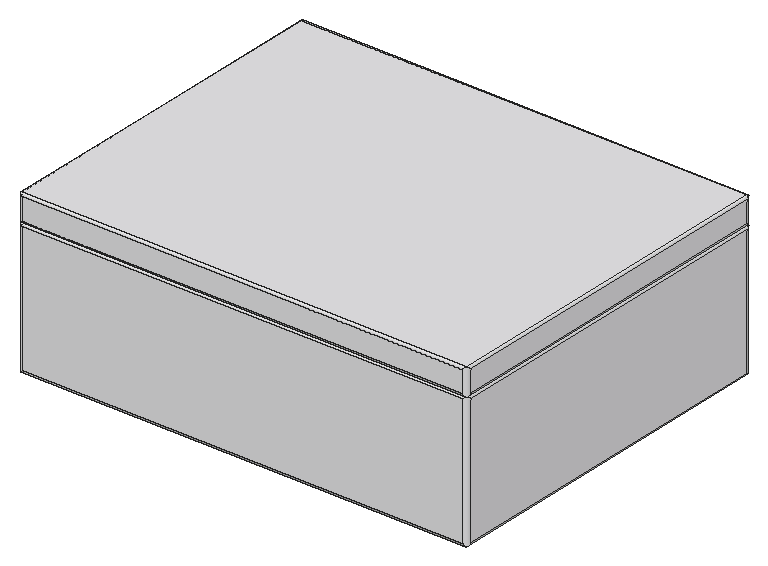
Revit family "Accessory-Container-KOHLER-Draft-K-27365", category Specialty Equipment, host Face, Revit 2015
Parameters (values of type "0-White")
  Width = 4 11/16"  # constant formula
  URL = "https://www.us.kohler.com/us/"
  Type = 1
  Product Page URL = "http://www.us.kohler.com/us/catalog/productDetails.jsp?productNumber=27365"
  Product Name = "Draft"  # constant formula
  Product Documentation Link = "http://www.us.kohler.com/onlinecatalog/pdf/K-27365_spec.pdf"
  Model = if(Type = 1, "K-27365-0", if(Type = 2, "K-27365-7", "NA"))  # "K-27365-0"
  Material = "Durable Composite Material"  # constant formula
  MasterFormat 2004 = "10.28.13"  # constant formula
  MasterFormat 1995 = "10820"  # constant formula
  Manufacturer Address = "444 Highland Dr, Kohler, WI 53044"  # constant formula
  Manufacturer = "KOHLER Co."  # constant formula
  Length = 5 15/16"  # constant formula
  Height = 2 1/8"  # constant formula
  Finish = Kohler-Plastic-0-White
  Environmental Product Declaration = ""
  Description = "6 inch Container"  # constant formula
  Default Elevation = 42"
  Declare Label = ""
  Date Modified = "01/16/2019"  # constant formula
  Date Created = "01/16/2019"  # constant formula
  Copyright = "Copyright KOHLER Co."  # constant formula
  Contact Us = "https://www.us.kohler.com/us/static/contact.jsp"
  Assembly Code = "C1030200"
  ADA Compliant = 1 = 0  # no
Types (3): name | Type | Model | Finish
  (no name) | 1 | "K-27365-0" | Kohler-Plastic-0-White
  0-White | 1 | "K-27365-0" | Kohler-Plastic-0-White
  7-Black Black | 2 | "K-27365-7" | Kohler-Plastic-7-Black_Black
Reference planes (in)
  plane 1 "Center (Front/Back)": y = 0
  plane 2: z = 0
  plane 3 "Center (Left/Right)": x = 0
  plane 4: x = -2.96875
  plane 5: y = 2.34375
  plane 6: x = 2.96875
  plane 7: y = -2.34375
  plane 8: z = 2.125
Dimensions and locks (in)
  "Length": plane 4 to plane 6
  "Width": plane 7 to plane 5
  "Height": plane 8 to plane 2
  aligned and locked: host face to plane 2
  aligned and locked: host face to level
Automatic sketch dimensions
  host sketch curve to host sketch curve = 96"  (x2)
Nested families (in)
  nested 1: "K-27365" at (0, 0, 0), type "K-27365"
Definition of nested family "K-27365"
  Parameters (values of type "K-27365")
    Material = none
  Reference planes (in)
    plane 1 "Center (Front/Back)": y = 0
    plane 2: z = 0
    plane 3 "Center (Left/Right)": x = 0
    plane 4: x = -2.96875
    plane 5: x = 2.96875
    plane 6: y = 2.34375
    plane 7: y = -2.34375
    plane 8: z = 2.125
  Forms (in)
    Sweep 1, solid, material <- "Material", detail levels medium+fine
      path origin (0, 0, 0) x (1, 0, 0) y (0, 1, 0)
        loop
          line (-2.96875, 2.34375) -> (-2.96875, -2.34375) -> (2.96875, -2.34375) -> (2.96875, 2.34375) -> (-2.96875, 2.34375)
      profile origin (-2.96875, 0, 0) x (1, 0, 0) y (0, 0, 1)
        loop
          arc (0.03125, 2.125) -> (0.0091529, 2.1158471) -> (0, 2.09375) r 0.03125
          line (0, 2.09375) -> (0, 1.8029035)
          arc (0, 1.8029035) -> (0.0091529, 1.7808065) -> (0.03125, 1.7716535) r 0.03125
          arc (0.03125, 1.7716535) -> (0.0091529, 1.7625006) -> (0, 1.7404035) r 0.03125
          line (0, 1.7404035) -> (0, 0.03125)
          arc (0, 0.03125) -> (0.0091529, 0.0091529) -> (0.03125, 0) r 0.03125
          line (0.03125, 0) -> (0.4348167, 0) -> (0.4348167, 2.125) -> (0.03125, 2.125)
    Extrusion 2, void
      sketch origin (0, 0, 0) x (1, 0, 0) y (0, 1, 0)
        loop
          line (-2.90625, 2.34375) -> (-2.96875, 2.34375) -> (-2.96875, 2.28125)
          arc (-2.96875, 2.28125) -> (-2.9504442, 2.3254442) -> (-2.90625, 2.34375) r 0.0625
        loop
          arc (2.90625, 2.34375) -> (2.9504442, 2.3254442) -> (2.96875, 2.28125) r 0.0625
          line (2.96875, 2.28125) -> (2.96875, 2.34375) -> (2.90625, 2.34375)
        loop
          line (2.90625, -2.34375) -> (2.96875, -2.34375) -> (2.96875, -2.28125)
          arc (2.96875, -2.28125) -> (2.9504442, -2.3254442) -> (2.90625, -2.34375) r 0.0625
        loop
          arc (-2.90625, -2.34375) -> (-2.9504442, -2.3254442) -> (-2.96875, -2.28125) r 0.0625
          line (-2.96875, -2.28125) -> (-2.96875, -2.34375) -> (-2.90625, -2.34375)
      from 0 to 2.4357123
    Extrusion 3, solid, material <- "Material", detail levels medium+fine
      sketch origin (0, 0, 0) x (1, 0, 0) y (0, 1, 0)
        loop
          line (-2.5339333, -1.9089333) -> (2.5339333, -1.9089333) -> (2.5339333, 1.9089333) -> (-2.5339333, 1.9089333) -> (-2.5339333, -1.9089333)
      from 0 to 2.125
    Extrusion 4, solid, material <- "Material", detail levels coarse
      sketch origin (0, 0, 0) x (1, 0, 0) y (0, 1, 0)
        loop
          line (-2.96875, 2.34375) -> (-2.96875, -2.34375) -> (2.96875, -2.34375) -> (2.96875, 2.34375) -> (-2.96875, 2.34375)
      from 0 to 2.2492505
  Cuts and joins
    Extrusion 2 cuts Sweep 1
    joined: Sweep 1, Extrusion 3
  Lines and regions (in)
    Masking region 1
      outline origin (0, 0, 0) x (1, 0, 0) y (0, 0, 1)
        loop
          arc (-2.9379968, 2.125) -> (-2.9597426, 2.1159926) -> (-2.96875, 2.0942468) r 0.0307532
          line (-2.96875, 2.0942468) -> (-2.96875, 1.8009652)
          arc (-2.96875, 1.8009652) -> (-2.9601648, 1.7802387) -> (-2.9394383, 1.7716535) r 0.0293117
          arc (-2.9394383, 1.7716535) -> (-2.9602167, 1.7625011) -> (-2.96875, 1.7414607) r 0.0302061
          line (-2.96875, 1.7414607) -> (-2.96875, 0.0307935)
          arc (-2.96875, 0.0307935) -> (-2.9597308, 0.0090192) -> (-2.9379565, 0) r 0.0307935
          line (-2.9379565, 0) -> (2.9379565, 0)
          arc (2.9379565, 0) -> (2.9597308, 0.0090192) -> (2.96875, 0.0307935) r 0.0307935
          line (2.96875, 0.0307935) -> (2.96875, 1.7414607)
          arc (2.96875, 1.7414607) -> (2.9602167, 1.7625011) -> (2.9394383, 1.7716535) r 0.0302061
          arc (2.9394383, 1.7716535) -> (2.9601648, 1.7802387) -> (2.96875, 1.8009652) r 0.0293117
          line (2.96875, 1.8009652) -> (2.96875, 2.0942468)
          arc (2.96875, 2.0942468) -> (2.9597426, 2.1159926) -> (2.9379968, 2.125) r 0.0307532
          line (2.9379968, 2.125) -> (-2.9379968, 2.125)
    Masking region 2
      outline origin (0, 0, 0) x (0, 1, 0) y (0, 0, 1)
        loop
          line (2.3126566, 2.125) -> (-2.3126566, 2.125)
          arc (-2.3126566, 2.125) -> (-2.334643, 2.115893) -> (-2.34375, 2.0939066) r 0.0310934
          line (-2.34375, 2.0939066) -> (-2.34375, 1.8015821)
          arc (-2.34375, 1.8015821) -> (-2.3351646, 1.7806014) -> (-2.314334, 1.7716579) r 0.0299286
          arc (-2.314334, 1.7716579) -> (-2.3352243, 1.7620407) -> (-2.34375, 1.7406817) r 0.0310176
          line (-2.34375, 1.7406817) -> (-2.34375, 0.0319941)
          arc (-2.34375, 0.0319941) -> (-2.3343791, 0.0093709) -> (-2.3117559, 0) r 0.0319941
          line (-2.3117559, 0) -> (2.3117559, 0)
          arc (2.3117559, 0) -> (2.3343791, 0.0093709) -> (2.34375, 0.0319941) r 0.0319941
          line (2.34375, 0.0319941) -> (2.34375, 1.7406817)
          arc (2.34375, 1.7406817) -> (2.3352243, 1.7620407) -> (2.314334, 1.7716579) r 0.0310176
          arc (2.314334, 1.7716579) -> (2.3351646, 1.7806014) -> (2.34375, 1.8015821) r 0.0299286
          line (2.34375, 1.8015821) -> (2.34375, 2.0939066)
          arc (2.34375, 2.0939066) -> (2.334643, 2.115893) -> (2.3126566, 2.125) r 0.0310934
    Masking region 3
      outline origin (0, 0, 0) x (1, 0, 0) y (0, 1, 0)
        loop
          arc (-2.904799, 2.34375) -> (-2.9500192, 2.3250192) -> (-2.96875, 2.279799) r 0.063951
          line (-2.96875, 2.279799) -> (-2.96875, -2.2820563)
          arc (-2.96875, -2.2820563) -> (-2.9506803, -2.3256803) -> (-2.9070563, -2.34375) r 0.0616937
          line (-2.9070563, -2.34375) -> (2.9059131, -2.34375)
          arc (2.9059131, -2.34375) -> (2.9503455, -2.3253455) -> (2.96875, -2.2809131) r 0.0628369
          line (2.96875, -2.2809131) -> (2.96875, 2.2822753)
          arc (2.96875, 2.2822753) -> (2.9507445, 2.3257445) -> (2.9072753, 2.34375) r 0.0614747
          line (2.9072753, 2.34375) -> (-2.904799, 2.34375)
    symbolic lines, detail levels medium+fine
      curve 1: line (-2.9394383, 0, 1.7716535) -> (2.9394383, 0, 1.7716535)
      curve 2: line (0, -2.314334, 1.7716579) -> (0, 2.314334, 1.7716579)
  Dimensions and locks (in)
    locked: plane 4 to plane 5 at 5.9375
    locked: plane 6 to plane 7 at 4.6875
    locked: plane 8 to plane 2 at 2.125
    aligned and locked: plane 2 to level
